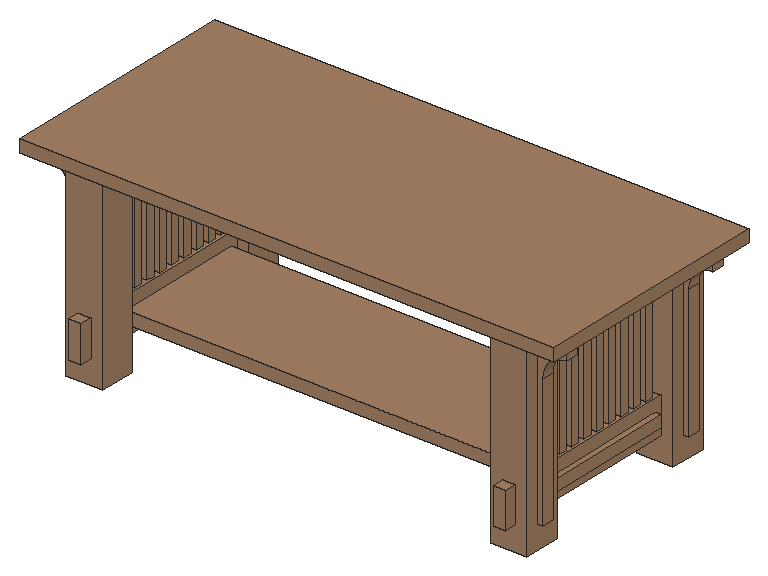
Revit family
Parameters (values of type "1120 x 510mm")
  Keynote = "N"
  Assembly Code = ""
  Material = Wood - Mahogany
  Height = 430 mm
  Length = 1120 mm
  Width = 510 mm
Reference planes
  plane 1 "Center F/B": y = 0
  plane 2: z = 0
  plane 3 "Center L/R": x = 0
  plane 4: z = 430
  plane 5: z = 404.6
  plane 6: x = -560
  plane 7: x = 560
  plane 8: y = 255
  plane 9: y = -255
  plane 10: x = -483.8
  plane 11: x = -407.6
  plane 12: x = 483.8
  plane 13: x = 407.6
  plane 14: y = -229.6
  plane 15: y = -153.4
  plane 16: y = 229.6
  plane 17: y = 153.4
Forms (mm)
  Extrusion 1, solid, material "Wood - Mahogany" <- "Material"
    sketch origin (0, 0, 0) x (1, 0, 0) y (0, 1, 0)
      loop
        line (-560, 255) -> (-560, -255) -> (560, -255) -> (560, 255) -> (-560, 255)
    from 404.6 to 430
  Extrusion 2, solid, material "Wood - Mahogany"
    sketch origin (0, 0, 0) x (1, 0, 0) y (0, 1, 0)
      loop
        line (-483.8, 229.6) -> (-483.8, 153.4) -> (-407.6, 153.4) -> (-407.6, 229.6) -> (-483.8, 229.6)
    from 0 to 404.6
  Extrusion 3, solid, material "Wood - Mahogany"
    sketch origin (0, 0, 0) x (1, 0, 0) y (0, 1, 0)
      loop
        line (407.6, 229.6) -> (407.6, 153.4) -> (483.8, 153.4) -> (483.8, 229.6) -> (407.6, 229.6)
    from 0 to 404.6
  Extrusion 4, solid, material "Wood - Mahogany"
    sketch origin (0, 0, 0) x (1, 0, 0) y (0, 1, 0)
      loop
        line (407.6, -153.4) -> (407.6, -229.6) -> (483.8, -229.6) -> (483.8, -153.4) -> (407.6, -153.4)
    from 0 to 404.6
  Extrusion 5, solid, material "Wood - Mahogany"
    sketch origin (0, 0, 0) x (1, 0, 0) y (0, 1, 0)
      loop
        line (-483.8, -153.4) -> (-483.8, -229.6) -> (-407.6, -229.6) -> (-407.6, -153.4) -> (-483.8, -153.4)
    from 0 to 404.6
  Extrusion 6, solid, material "Wood - Mahogany" <- "Material"
    sketch origin (0, 153.4, 0) x (1, 0, 0) y (0, 0, 1)
      loop
        line (-547.3, 404.6) -> (-547.3, 379.2)
        arc (-547.3, 379.2) -> (-511.379, 364.321) -> (-496.5, 328.4) r 50.8
        line (-496.5, 328.4) -> (-496.5, 50.8) -> (-483.8, 50.8) -> (-483.8, 404.6) -> (-547.3, 404.6)
    from -50.8 to -25.4
  Extrusion 7, solid, material "Wood - Mahogany" <- "Material"
    sketch origin (0, -152.4, 0) x (1, 0, 0) y (0, 0, -1)
      loop
        line (-547.3, -404.6) -> (-483.8, -404.6) -> (-483.8, -50.8) -> (-496.5, -50.8) -> (-496.5, -328.4)
        arc (-496.5, -328.4) -> (-511.379, -364.321) -> (-547.3, -379.2) r 50.8
        line (-547.3, -379.2) -> (-547.3, -404.6)
    from -51.8 to -26.4
  Extrusion 8, solid, material "Wood - Mahogany" <- "Material"
    sketch origin (0, 152.4, 0) x (-1, 0, 0) y (0, 0, -1)
      loop
        line (-547.3, -404.6) -> (-483.8, -404.6) -> (-483.8, -50.8) -> (-496.5, -50.8) -> (-496.5, -328.4)
        arc (-496.5, -328.4) -> (-511.379, -364.321) -> (-547.3, -379.2) r 50.8
        line (-547.3, -379.2) -> (-547.3, -404.6)
    from -51.8 to -26.4
  Extrusion 9, solid, material "Wood - Mahogany" <- "Material"
    sketch origin (0, -152.4, 0) x (-1, 0, 0) y (0, 0, 1)
      loop
        line (-547.3, 404.6) -> (-547.3, 379.2)
        arc (-547.3, 379.2) -> (-511.379, 364.321) -> (-496.5, 328.4) r 50.8
        line (-496.5, 328.4) -> (-496.5, 50.8) -> (-483.8, 50.8) -> (-483.8, 404.6) -> (-547.3, 404.6)
    from -51.8 to -26.4
  Extrusion 10, solid, material "Wood - Mahogany"
    sketch origin (0, 0, 0) x (1, 0, 0) y (0, 1, 0)
      loop
        line (-433, -255) -> (-433, 255) -> (-458.4, 255) -> (-458.4, -255) -> (-433, -255)
    from 50.8 to 127
  Extrusion 11, solid, material "Wood - Mahogany"
    sketch origin (0, 0, 0) x (-1, 0, 0) y (0, -1, 0)
      loop
        line (-433, 255) -> (-458.4, 255) -> (-458.4, -255) -> (-433, -255) -> (-433, 255)
    from 50.8 to 127
  Extrusion 12, solid, material "Wood - Mahogany" <- "Material"
    sketch origin (0, 0, 0) x (1, 0, 0) y (0, 1, 0)
      loop
        line (-452.05, 137.253) -> (-452.05, 121.105) -> (-439.35, 121.105) -> (-439.35, 137.253) -> (-452.05, 137.253)
      loop
        line (-452.05, -137.253) -> (-439.35, -137.253) -> (-439.35, -121.105) -> (-452.05, -121.105) -> (-452.05, -137.253)
      loop
        line (-452.05, -8.074) -> (-439.35, -8.074) -> (-439.35, 8.074) -> (-452.05, 8.074) -> (-452.05, -8.074)
      loop
        line (-452.05, 72.663) -> (-452.05, 56.516) -> (-439.35, 56.516) -> (-439.35, 72.663) -> (-452.05, 72.663)
      loop
        line (-452.05, -72.663) -> (-439.35, -72.663) -> (-439.35, -56.516) -> (-452.05, -56.516) -> (-452.05, -72.663)
      loop
        line (-452.05, -104.958) -> (-439.35, -104.958) -> (-439.35, -88.811) -> (-452.05, -88.811) -> (-452.05, -104.958)
      loop
        line (-452.05, -40.368) -> (-439.35, -40.368) -> (-439.35, -24.221) -> (-452.05, -24.221) -> (-452.05, -40.368)
      loop
        line (-452.05, 24.221) -> (-439.35, 24.221) -> (-439.35, 40.368) -> (-452.05, 40.368) -> (-452.05, 24.221)
      loop
        line (-452.05, 104.958) -> (-452.05, 88.811) -> (-439.35, 88.811) -> (-439.35, 104.958) -> (-452.05, 104.958)
    from 127 to 404.6
  Extrusion 13, solid, material "Wood - Mahogany" <- "Material"
    sketch origin (0, 0, 0) x (1, 0, 0) y (0, 1, 0)
      loop
        line (439.35, 137.253) -> (439.35, 121.105) -> (452.05, 121.105) -> (452.05, 137.253) -> (439.35, 137.253)
      loop
        line (439.35, 104.958) -> (439.35, 88.811) -> (452.05, 88.811) -> (452.05, 104.958) -> (439.35, 104.958)
      loop
        line (439.35, 72.663) -> (439.35, 56.516) -> (452.05, 56.516) -> (452.05, 72.663) -> (439.35, 72.663)
      loop
        line (439.35, 40.368) -> (439.35, 24.221) -> (452.05, 24.221) -> (452.05, 40.368) -> (439.35, 40.368)
      loop
        line (439.35, 8.074) -> (439.35, -8.074) -> (452.05, -8.074) -> (452.05, 8.074) -> (439.35, 8.074)
      loop
        line (439.35, -24.221) -> (439.35, -40.368) -> (452.05, -40.368) -> (452.05, -24.221) -> (439.35, -24.221)
      loop
        line (439.35, -56.516) -> (439.35, -72.663) -> (452.05, -72.663) -> (452.05, -56.516) -> (439.35, -56.516)
      loop
        line (439.35, -88.811) -> (439.35, -104.958) -> (452.05, -104.958) -> (452.05, -88.811) -> (439.35, -88.811)
      loop
        line (439.35, -121.105) -> (439.35, -137.253) -> (452.05, -137.253) -> (452.05, -121.105) -> (439.35, -121.105)
    from 127 to 404.6
  Extrusion 14, solid, material "Wood - Mahogany"
    sketch origin (0, 0, 0) x (1, 0, 0) y (0, 1, 0)
      loop
        line (-471.1, 137.253) -> (-471.1, -137.253) -> (471.1, -137.253) -> (471.1, 137.253) -> (-471.1, 137.253)
    from 76.2 to 101.6
Cuts and joins
  joined: Extrusion 2, Extrusion 3, Extrusion 4, Extrusion 5, Extrusion 10, Extrusion 11, Extrusion 14
Lines and regions (mm)
  Masking region 1
    outline origin (0, 0, 0) x (1, 0, 0) y (0, 1, 0)
      loop
        line (-560, 255) -> (-560, -255) -> (560, -255) -> (560, 255) -> (-560, 255)
  symbolic lines
    curve 1: line (560, 255, 0) -> (-560, 255, 0)
    curve 2: line (560, -255, 0) -> (560, 255, 0)
    curve 3: line (-560, -255, 0) -> (560, -255, 0)
    curve 4: line (-560, 255, 0) -> (-560, -255, 0)
Dimensions and locks
  "Length": plane 6 to plane 7
  equal spacing: plane 6, plane 3 "Center L/R", plane 7
  "Width": plane 9 to plane 8
  equal spacing: plane 9, plane 1 "Center F/B", plane 8
  locked: plane 6 to plane 10 at 76.2
  locked: plane 6 to plane 11 at 152.4
  locked: plane 12 to plane 7 at 76.2
  locked: plane 13 to plane 7 at 152.4
  locked: plane 9 to plane 14 at 25.4
  locked: plane 9 to plane 15 at 101.6
  locked: plane 16 to plane 8 at 25.4
  locked: plane 17 to plane 8 at 101.6
  "Height": plane 4 to plane 2
  locked: plane 4 to plane 5 at 25.4
  equal spacing: plane 14, Extrusion 7, Extrusion 7, plane 15
  equal spacing: plane 17, Extrusion 6, Extrusion 6, plane 16
  equal spacing: plane 14, Extrusion 9, Extrusion 9, plane 15
  equal spacing: plane 17, Extrusion 8, Extrusion 8, plane 16
  equal spacing: plane 10, Extrusion 10 sketch curve, Extrusion 10 sketch curve, plane 11
  Extrusion 11 sketch curve to Extrusion 11 sketch curve = 25.4 mm
  equal spacing: plane 15, Extrusion 12 sketch curve, Extrusion 12 sketch curve, Extrusion 12 sketch curve, Extrusion 12 sketch curve, Extrusion 12 sketch curve, Extrusion 12 sketch curve, Extrusion 12 sketch curve, Extrusion 12 sketch curve, Extrusion 12 sketch curve, Extrusion 12 sketch curve, Extrusion 12 sketch curve, Extrusion 12 sketch curve, Extrusion 12 sketch curve, Extrusion 12 sketch curve, Extrusion 12 sketch curve, Extrusion 12 sketch curve, Extrusion 12 sketch curve, Extrusion 12 sketch curve, plane 17
  equal spacing: plane 15, Extrusion 13 sketch curve, Extrusion 13 sketch curve, Extrusion 13 sketch curve, Extrusion 13 sketch curve, Extrusion 13 sketch curve, Extrusion 13 sketch curve, Extrusion 13 sketch curve, Extrusion 13 sketch curve, Extrusion 13 sketch curve, Extrusion 13 sketch curve, Extrusion 13 sketch curve, Extrusion 13 sketch curve, Extrusion 13 sketch curve, Extrusion 13 sketch curve, Extrusion 13 sketch curve, Extrusion 13 sketch curve, Extrusion 13 sketch curve, Extrusion 13 sketch curve, plane 17
  locked: Extrusion 11 to Extrusion 14 sketch curve at 12.7
  locked: Extrusion 14 sketch curve to Extrusion 10 at 12.7
  aligned and locked: plane 6 to Extrusion 1 sketch curve
  aligned and locked: plane 8 to Extrusion 1 sketch curve
  aligned and locked: plane 9 to Extrusion 1 sketch curve
  aligned and locked: Extrusion 1 sketch curve to plane 7
  aligned and locked: Extrusion 1 to plane 4
  aligned and locked: plane 5 to Extrusion 1
  aligned and locked: plane 10 to Extrusion 2 sketch curve
  aligned and locked: plane 16 to Extrusion 2 sketch curve
  aligned and locked: plane 17 to Extrusion 2 sketch curve
  aligned and locked: Extrusion 2 sketch curve to plane 11
  aligned and locked: Extrusion 2 to plane 5
  aligned and locked: plane 13 to Extrusion 3 sketch curve
  aligned and locked: plane 16 to Extrusion 3 sketch curve
  aligned and locked: plane 17 to Extrusion 3 sketch curve
  aligned and locked: Extrusion 3 sketch curve to plane 12
  aligned and locked: plane 13 to Extrusion 4 sketch curve
  aligned and locked: plane 15 to Extrusion 4 sketch curve
  aligned and locked: plane 14 to Extrusion 4 sketch curve
  aligned and locked: Extrusion 4 sketch curve to plane 12
  aligned and locked: plane 10 to Extrusion 5 sketch curve
  aligned and locked: plane 15 to Extrusion 5 sketch curve
  aligned and locked: plane 14 to Extrusion 5 sketch curve
  aligned and locked: Extrusion 5 sketch curve to plane 11
  aligned and locked: Extrusion 5 to plane 5
  aligned and locked: Extrusion 4 to plane 5
  aligned and locked: Extrusion 3 to plane 5
  aligned and locked: plane 8 to Extrusion 10 sketch curve
  aligned and locked: Extrusion 10 sketch curve to plane 9
  aligned and locked: Extrusion 10 to Extrusion 6
  aligned and locked: Extrusion 12 to plane 5
  aligned and locked: Extrusion 12 to Extrusion 10
  aligned and locked: Extrusion 13 to plane 5
  aligned and locked: Extrusion 13 to Extrusion 10
  aligned and locked: Extrusion 14 sketch curve to Extrusion 13  (x2)
  aligned and locked: curve 1 to Extrusion 1
  aligned and locked: curve 2 to Extrusion 1
  aligned and locked: curve 3 to Extrusion 1
  aligned and locked: curve 4 to Extrusion 1
  aligned: plane 8 to Masking region 1 sketch curve
  aligned: Masking region 1 sketch curve to plane 7
Automatic sketch dimensions
  Extrusion 6 sketch curve to plane 5 = 0 mm
  Extrusion 6 sketch curve to plane 10 = 0 mm
  Extrusion 6 sketch curve to Extrusion 6 sketch curve = 12.7 mm
  plane 6 to Extrusion 6 sketch curve = 12.7 mm
  Extrusion 6 sketch curve to Extrusion 6 sketch curve = 25.4 mm
  level to Extrusion 6 sketch curve = 50.8 mm
  Extrusion 7 sketch curve to plane 5 = 0 mm
  Extrusion 7 sketch curve to plane 10 = 0 mm
  Extrusion 7 sketch curve to plane 10 = 12.7 mm
  plane 6 to Extrusion 7 sketch curve = 12.7 mm
  Extrusion 7 sketch curve to Extrusion 7 sketch curve = 25.4 mm
  level to Extrusion 7 sketch curve = 50.8 mm
  Extrusion 8 sketch curve to plane 5 = 0 mm
  Extrusion 8 sketch curve to plane 12 = 0 mm
  plane 12 to Extrusion 8 sketch curve = 12.7 mm
  Extrusion 8 sketch curve to plane 7 = 12.7 mm
  Extrusion 8 sketch curve to Extrusion 8 sketch curve = 25.4 mm
  level to Extrusion 8 sketch curve = 50.8 mm
  Extrusion 9 sketch curve to plane 5 = 0 mm
  Extrusion 9 sketch curve to plane 12 = 0 mm
  plane 12 to Extrusion 9 sketch curve = 12.7 mm
  Extrusion 9 sketch curve to plane 7 = 12.7 mm
  Extrusion 9 sketch curve to Extrusion 9 sketch curve = 25.4 mm
  level to Extrusion 9 sketch curve = 50.8 mm
  Extrusion 11 sketch curve to plane 9 = 0 mm
  Extrusion 11 sketch curve to plane 8 = 0 mm
  Extrusion 11 sketch curve to plane 7 = 101.6 mm
  Extrusion 11 sketch curve to Extrusion 11 sketch curve = 25.4 mm
  plane 10 to Extrusion 12 sketch curve = 31.75 mm  (x3)
  Extrusion 12 sketch curve to Extrusion 12 sketch curve = 0 mm  (x6)
  Extrusion 12 sketch curve to Extrusion 12 sketch curve = 12.7 mm  (x9)
  plane 13 to Extrusion 13 sketch curve = 31.75 mm
  Extrusion 13 sketch curve to plane 12 = 44.45 mm  (x2)
  Extrusion 13 sketch curve to Extrusion 13 sketch curve = 0 mm  (x9)
  Extrusion 13 sketch curve to Extrusion 13 sketch curve = 12.7 mm  (x6)
  Masking region 1 sketch curve to plane 6 = 0 mm
  Masking region 1 sketch curve to plane 7 = 0 mm
  Masking region 1 sketch curve to plane 9 = 0 mm
  Masking region 1 sketch curve to plane 8 = 0 mm
